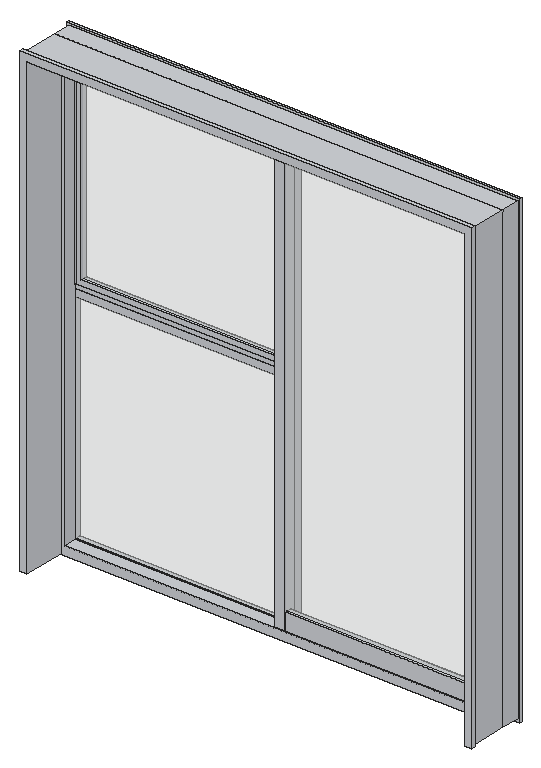
Revit family "APL Residential Thermal Heart Sliding Door SF with Sidelight", category Doors, host Wall, Revit 2017 (continued)
Definition of nested family "APL Residential Thermal Heart Sliding Door SF Vertical Section"
  Definition of nested family "Head Two Panel"
    Definition of nested family "65400_Frame Head"
      Lines and regions (mm)
        detail lines, in view "Ref. Level"
          curve 537: arc (14.78, -18.633, 0) -> (15.05, -18.679, 0) -> (15.2, -18.45, 0) r 0.25
          curve 538: arc (15.2, -8.599, 0) -> (15.259, -8.458, 0) -> (15.4, -8.4, 0) r 0.2
          curve 539: arc (16.479, -8.4, 0) -> (16.643, -8.315, 0) -> (16.667, -8.132, 0) r 0.2
          curve 540: arc (15.775, -5.682, 0) -> (15.702, -5.586, 0) -> (15.587, -5.55, 0) r 0.2
          curve 541: arc (15.353, -5.55, 0) -> (15.248, -5.52, 0) -> (15.174, -5.439, 0) r 0.2
          curve 542: arc (15.174, -5.439, 0) -> (14.995, -5.304, 0) -> (14.78, -5.367, 0) r 0.25
          curve 543: arc (14.78, -5.367, 0) -> (14.637, -5.498, 0) -> (14.631, -5.691, 0) r 0.25
          curve 544: arc (13.377, -6.456, 0) -> (13.302, -6.489, 0) -> (13.221, -6.5, 0) r 0.3
          curve 545: arc (12.7, -6.5, 0) -> (12.542, -6.422, 0) -> (12.506, -6.25, 0) r 0.2
          curve 546: arc (12.7, -2.247, 0) -> (12.674, -2.125, 0) -> (12.6, -2.024, 0) r 0.3
          curve 547: arc (12.6, -2.024, 0) -> (12.536, -1.657, 0) -> (12.878, -1.51, 0) r 0.3
          curve 548: arc (15.021, -2.043, 0) -> (15.11, -2.095, 0) -> (15.162, -2.184, 0) r 0.2
          curve 549: arc (15.207, -2.352, 0) -> (15.348, -2.493, 0) -> (15.541, -2.441, 0) r 0.2
          curve 550: arc (15.905, -2.078, 0) -> (15.965, -1.992, 0) -> (15.992, -1.892, 0) r 0.3
          curve 551: arc (16.199, 0.474, 0) -> (16.083, 0.738, 0) -> (15.797, 0.782, 0) r 0.3
          curve 552: arc (14.387, 0.268, 0) -> (14.261, 0.181, 0) -> (14.195, 0.043, 0) r 0.3
          curve 553: arc (14.195, 0.043, 0) -> (13.922, -0.199, 0) -> (13.617, 0, 0) r 0.3
          curve 554: arc (12.6, 0, 0) -> (12.459, 0.059, 0) -> (12.4, 0.2, 0) r 0.2
          curve 555: arc (12.4, 2.696, 0) -> (11.64, 4.537, 0) -> (9.8, 5.3, 0) r 2.6
          curve 556: arc (7.9, 5.3, 0) -> (7.547, 5.446, 0) -> (7.4, 5.8, 0) r 0.5
          curve 557: arc (7.4, 13.402, 0) -> (7.508, 13.581, 0) -> (7.716, 13.566, 0) r 0.2
          curve 558: arc (7.716, 13.566, 0) -> (8.721, 13.692, 0) -> (8.684, 14.705, 0) r 0.75
          curve 559: arc (8.684, 14.705, 0) -> (8.15, 16.005, 0) -> (8.684, 17.305, 0) r 1.85
          curve 560: arc (8.684, 17.305, 0) -> (8.794, 17.447, 0) -> (8.867, 17.612, 0) r 0.75
          curve 561: arc (8.867, 17.612, 0) -> (8.97, 17.796, 0) -> (9.14, 17.921, 0) r 0.5
          curve 562: arc (9.14, 17.921, 0) -> (10, 18.105, 0) -> (10.86, 17.921, 0) r 2.1
          curve 563: arc (10.86, 17.921, 0) -> (11.03, 17.796, 0) -> (11.133, 17.612, 0) r 0.5
          curve 564: arc (11.133, 17.612, 0) -> (11.206, 17.447, 0) -> (11.316, 17.305, 0) r 0.75
          curve 565: arc (11.316, 17.305, 0) -> (11.85, 16.005, 0) -> (11.316, 14.705, 0) r 1.85
          curve 566: arc (11.316, 14.705, 0) -> (11.323, 13.644, 0) -> (12.384, 13.651, 0) r 0.75
          curve 567: arc (12.384, 13.651, 0) -> (13.348, 15.881, 0) -> (12.551, 18.176, 0) r 3.35
          curve 568: arc (12.551, 18.176, 0) -> (12.478, 18.71, 0) -> (12.932, 19, 0) r 0.5
          curve 569: arc (13.15, 19, 0) -> (13.291, 19.059, 0) -> (13.35, 19.2, 0) r 0.2
          curve 570: arc (13.35, 19.5, 0) -> (13.204, 19.854, 0) -> (12.85, 20, 0) r 0.5
          curve 571: arc (7, 20, 0) -> (6.293, 19.707, 0) -> (6, 19, 0) r 1
          curve 572: arc (6, 6.243, 0) -> (5.772, 5.095, 0) -> (5.121, 4.121, 0) r 3
          curve 573: arc (0.879, -0.121, 0) -> (0.228, -1.095, 0) -> (0, -2.243, 0) r 3
          curve 574: arc (0, -23.8, 0) -> (0.059, -23.941, 0) -> (0.2, -24, 0) r 0.2
          curve 575: line (10.8, 2.7, 0) -> (10.8, -6.498, 0)
          curve 576: line (12.7, -8.4, 0) -> (13.1, -8.4, 0)
          curve 577: line (13.3, -8.6, 0) -> (13.3, -15.4, 0)
          curve 578: line (13.1, -15.6, 0) -> (11, -15.6, 0)
          curve 579: line (10.8, -15.8, 0) -> (10.8, -16.283, 0)
          curve 580: line (10.6, -16.483, 0) -> (1.9, -16.483, 0)
          curve 581: line (1.4, -15.983, 0) -> (1.4, -2.245, 0)
          curve 582: line (1.869, -1.111, 0) -> (6.387, 3.407, 0)
          curve 583: line (7.094, 3.7, 0) -> (9.8, 3.7, 0)
          curve 584: line (1.322, -22.936, 0) -> (1.379, -18.081, 0)
          curve 585: line (1.579, -17.883, 0) -> (10.6, -17.883, 0)
          curve 586: line (10.8, -18.083, 0) -> (10.8, -22.172, 0)
          curve 587: line (10.7, -22.345, 0) -> (9.6, -22.98, 0)
          curve 588: line (9.3, -23.5, 0) -> (9.3, -23.8, 0)
          curve 589: line (9.5, -24, 0) -> (13.617, -24, 0)
          curve 590: line (14.387, -24.268, 0) -> (15.797, -24.782, 0)
          curve 591: line (16.199, -24.474, 0) -> (15.992, -22.108, 0)
          curve 592: line (15.905, -21.922, 0) -> (15.541, -21.559, 0)
          curve 593: line (15.207, -21.648, 0) -> (15.162, -21.816, 0)
          curve 594: line (15.021, -21.957, 0) -> (12.888, -22.528, 0)
          curve 595: line (12.7, -21.753, 0) -> (12.7, -18.525, 0)
          curve 596: line (12.7, -18.5, 0) -> (12.506, -17.75, 0)
          curve 597: line (12.7, -17.5, 0) -> (13.221, -17.5, 0)
          curve 598: line (13.377, -17.544, 0) -> (14.631, -18.309, 0)
          curve 599: line (15.2, -18.45, 0) -> (15.2, -16.874, 0)
          curve 600: line (15.2, -16.874, 0) -> (15.2, -8.599, 0)
          curve 601: line (15.4, -8.4, 0) -> (16.479, -8.4, 0)
          curve 602: line (16.667, -8.132, 0) -> (15.775, -5.682, 0)
          curve 603: line (15.587, -5.55, 0) -> (15.353, -5.55, 0)
          curve 604: line (14.631, -5.691, 0) -> (13.377, -6.456, 0)
          curve 605: line (13.221, -6.5, 0) -> (12.7, -6.5, 0)
          curve 606: line (12.506, -6.25, 0) -> (12.7, -5.5, 0)
          curve 607: line (12.7, -5.475, 0) -> (12.7, -2.247, 0)
          curve 608: line (12.888, -1.472, 0) -> (15.021, -2.043, 0)
          curve 609: line (15.162, -2.184, 0) -> (15.207, -2.352, 0)
          curve 610: line (15.541, -2.441, 0) -> (15.905, -2.078, 0)
          curve 611: line (15.992, -1.892, 0) -> (16.199, 0.474, 0)
          curve 612: line (15.797, 0.782, 0) -> (14.387, 0.268, 0)
          curve 613: line (13.617, 0, 0) -> (12.6, 0, 0)
          curve 614: line (12.4, 0.2, 0) -> (12.4, 2.696, 0)
          curve 615: line (9.8, 5.3, 0) -> (7.9, 5.3, 0)
          curve 616: line (7.4, 5.8, 0) -> (7.4, 13.402, 0)
          curve 617: line (12.932, 19, 0) -> (13.15, 19, 0)
          curve 618: line (13.35, 19.2, 0) -> (13.35, 19.5, 0)
          curve 619: line (12.85, 20, 0) -> (7, 20, 0)
          curve 620: line (6, 19, 0) -> (6, 6.243, 0)
          curve 621: line (5.121, 4.121, 0) -> (0.879, -0.121, 0)
          curve 622: line (0, -2.243, 0) -> (0, -23.8, 0)
          curve 623: line (0.2, -24, 0) -> (1.214, -24, 0)
          curve 624: line (1.214, -24, 0) -> (1.665, -23.621, 0)
          curve 625: line (106.85, -41.439, 0) -> (112.6, -39.899, 0)
          curve 626: line (111.139, -40.29, 0) -> (106.85, -40.29, 0)
          curve 627: line (112.6, -39.45, 0) -> (106.85, -39.45, 0)
          curve 628: line (112.6, -38.61, 0) -> (106.85, -38.61, 0)
          curve 629: line (112.6, -37.69, 0) -> (106.85, -37.69, 0)
          curve 630: line (112.6, -36.85, 0) -> (106.85, -36.85, 0)
          curve 631: line (111.139, -36.01, 0) -> (106.85, -36.01, 0)
          curve 632: line (112.6, -36.401, 0) -> (106.85, -34.861, 0)
          curve 633: line (112.85, -41.6, 0) -> (112.85, -34.7, 0)
          curve 634: line (112.6, -34.7, 0) -> (112.6, -41.6, 0)
          curve 635: line (112.6, -41.6, 0) -> (113.1, -41.6, 0)
          curve 636: line (113.1, -41.6, 0) -> (113.1, -34.7, 0)
          curve 637: line (113.1, -34.7, 0) -> (112.6, -34.7, 0)
          curve 651: line (74.132, -41.648, 0) -> (68.382, -40.107, 0)
          curve 652: line (69.843, -40.498, 0) -> (74.132, -40.498, 0)
          curve 653: line (68.382, -39.658, 0) -> (74.132, -39.658, 0)
          curve 654: line (68.382, -38.818, 0) -> (74.132, -38.818, 0)
          curve 655: line (68.382, -37.898, 0) -> (74.132, -37.898, 0)
          curve 656: line (68.382, -37.058, 0) -> (74.132, -37.058, 0)
          curve 657: line (69.843, -36.218, 0) -> (74.132, -36.218, 0)
          curve 658: line (68.382, -36.61, 0) -> (74.132, -35.069, 0)
          curve 659: line (68.132, -41.808, 0) -> (68.132, -34.908, 0)
          curve 660: line (68.382, -34.908, 0) -> (68.382, -41.808, 0)
          curve 661: line (68.382, -41.808, 0) -> (67.882, -41.808, 0)
          curve 662: line (67.882, -41.808, 0) -> (67.882, -34.908, 0)
          curve 663: line (67.882, -34.908, 0) -> (68.382, -34.908, 0)
        detail lines, in view "Ref. Level", not visible
          curve 638: line (101.764, -41.439, 0) -> (107.514, -39.899, 0)
          curve 639: line (106.053, -40.29, 0) -> (101.764, -40.29, 0)
          curve 640: line (107.514, -39.45, 0) -> (101.764, -39.45, 0)
          curve 641: line (107.514, -38.61, 0) -> (101.764, -38.61, 0)
          curve 642: line (107.514, -37.69, 0) -> (101.764, -37.69, 0)
          curve 643: line (107.514, -36.85, 0) -> (101.764, -36.85, 0)
          curve 644: line (106.053, -36.01, 0) -> (101.764, -36.01, 0)
          curve 645: line (107.514, -36.401, 0) -> (101.764, -34.861, 0)
          curve 646: line (107.764, -41.6, 0) -> (107.764, -34.7, 0)
          curve 647: line (107.514, -34.7, 0) -> (107.514, -41.6, 0)
          curve 648: line (107.514, -41.6, 0) -> (108.014, -41.6, 0)
          curve 649: line (108.014, -41.6, 0) -> (108.014, -34.7, 0)
          curve 650: line (108.014, -34.7, 0) -> (107.514, -34.7, 0)
      Text (mm)
        text "65400" at (41.516, 17.579, 0), in view "Ref. Level"
    Definition of nested family "65575_Threshold"
      Reference planes
        plane 1 "Center (Front/Back)": y = 0
        plane 2: z = 0
        plane 3 "Center (Left/Right)": x = 0
      Lines and regions (mm)
        detail lines, in view "Ref. Level"
          curve 1: arc (0.123, 1.385, 0) -> (0.034, 1.312, 0) -> (0, 1.2, 0) r 0.2
          curve 2: arc (0, 0.2, 0) -> (0.059, 0.059, 0) -> (0.2, 0, 0) r 0.2
          curve 3: arc (1.987, -0.473, 0) -> (2.044, -0.588, 0) -> (2.019, -0.715, 0) r 0.2
          curve 4: arc (1.788, -1.112, 0) -> (1.916, -1.591, 0) -> (2.394, -1.463, 0) r 0.35
          curve 5: arc (2.779, -0.797, 0) -> (2.842, -0.484, 0) -> (2.701, -0.197, 0) r 0.497
          curve 6: arc (2.033, 0.47, 0) -> (1.979, 0.65, 0) -> (2.098, 0.796, 0) r 0.2
          curve 7: arc (41.094, 16.949, 0) -> (41.282, 16.93, 0) -> (41.37, 16.764, 0) r 0.2
          curve 8: arc (41.37, 12.481, 0) -> (41.586, 11.578, 0) -> (42.188, 10.869, 0) r 2
          curve 9: arc (42.188, 10.869, 0) -> (43.515, 8.691, 0) -> (42.924, 6.21, 0) r 3.35
          curve 10: arc (42.924, 6.21, 0) -> (43.038, 5.512, 0) -> (43.736, 5.625, 0) r 0.5
          curve 11: arc (43.736, 5.625, 0) -> (44.503, 8.847, 0) -> (42.779, 11.675, 0) r 4.35
          curve 12: arc (42.779, 11.675, 0) -> (42.478, 12.03, 0) -> (42.37, 12.481, 0) r 1
          curve 13: arc (42.37, 18.585, 0) -> (42.282, 18.751, 0) -> (42.094, 18.77, 0) r 0.2
          curve 14: line (0, 1.2, 0) -> (0, 0.2, 0)
          curve 15: line (0.2, 0, 0) -> (1.431, 0, 0)
          curve 16: line (1.573, -0.059, 0) -> (1.987, -0.473, 0)
          curve 17: line (2.019, -0.715, 0) -> (1.788, -1.112, 0)
          curve 18: line (2.394, -1.463, 0) -> (2.779, -0.797, 0)
          curve 19: line (2.701, -0.197, 0) -> (2.033, 0.47, 0)
          curve 20: line (2.098, 0.796, 0) -> (41.094, 16.949, 0)
          curve 21: line (41.37, 16.764, 0) -> (41.37, 12.481, 0)
          curve 22: line (42.37, 12.481, 0) -> (42.37, 18.585, 0)
          curve 23: line (42.094, 18.77, 0) -> (0.123, 1.385, 0)
      Text (mm)
        text "65575" at (6.848, 22.344, 0), in view "Ref. Level"
  Definition of nested family "Sill Two Panel"
    Reference planes
      plane 1 "Center (Front/Back)": y = 0
      plane 2: z = 0
      plane 3 "Center (Left/Right)": x = 0
    Lines and regions (mm)
      detail lines, in view "Ref. Level"
        curve 1: arc (16.603, 58.8, 0) -> (17.381, 59.122, 0) -> (17.703, 59.9, 0) r 1.1
        curve 2: arc (0.803, 59.899, 0) -> (1.126, 59.122, 0) -> (1.903, 58.8, 0) r 1.1
        curve 3: arc (17.703, 76.7, 0) -> (17.381, 77.478, 0) -> (16.603, 77.8, 0) r 1.1
        curve 4: arc (1.903, 77.8, 0) -> (1.125, 77.477, 0) -> (0.803, 76.699, 0) r 1.1
        curve 5: arc (16.603, 58.799, 0) -> (17.382, 59.121, 0) -> (17.703, 59.9, 0) r 1.1
        curve 6: arc (17.703, 76.702, 0) -> (17.381, 77.479, 0) -> (16.603, 77.802, 0) r 1.1
        curve 7: arc (7.678, 82.796, 0) -> (6.666, 82.818, 0) -> (6.153, 81.945, 0) r 1
        curve 8: arc (6.153, 44.255, 0) -> (6.666, 43.382, 0) -> (7.678, 43.404, 0) r 1
        curve 9: arc (12.353, 81.945, 0) -> (11.841, 82.818, 0) -> (10.828, 82.796, 0) r 1
        curve 10: arc (10.828, 43.404, 0) -> (11.841, 43.382, 0) -> (12.353, 44.255, 0) r 1
        curve 11: arc (7.678, 82.796, 0) -> (9.253, 82.35, 0) -> (10.828, 82.796, 0) r 3
        curve 12: arc (10.828, 43.404, 0) -> (9.253, 43.851, 0) -> (7.678, 43.404, 0) r 3
        curve 13: arc (5.253, 51, 0) -> (5.546, 50.293, 0) -> (6.253, 50, 0) r 1
        curve 14: arc (12.253, 50, 0) -> (12.96, 50.293, 0) -> (13.253, 51, 0) r 1
        curve 15: arc (14.453, 84.69, 0) -> (13.952, 84.595, 0) -> (13.453, 84.49, 0) r 26
        curve 16: arc (5.053, 84.49, 0) -> (4.554, 84.595, 0) -> (4.053, 84.69, 0) r 26
        curve 17: arc (5.053, 85.031, 0) -> (4.554, 85.062, 0) -> (4.053, 85.085, 0) r 26
        curve 18: arc (14.453, 85.085, 0) -> (13.953, 85.062, 0) -> (13.453, 85.031, 0) r 26
        curve 19: line (7.616, 58.464, 0) -> (8.694, 57.549, 0)
        curve 20: arc (8.309, 62.255, 0) -> (6.888, 61.307, 0) -> (6.184, 59.751, 0) r 3.102
        curve 21: line (7.502, 59.859, 0) -> (8.417, 60.937, 0)
        curve 22: line (10.89, 60.137, 0) -> (9.812, 61.052, 0)
        curve 23: arc (10.198, 56.345, 0) -> (11.619, 57.293, 0) -> (12.323, 58.849, 0) r 3.102
        curve 24: line (11.005, 58.741, 0) -> (10.09, 57.663, 0)
        curve 25: circle (9.253, 59.3, 0) r 4.4 normal (0, 0, 1)
        curve 26: arc (9.596, 63.684, 0) -> (8.894, 63.683, 0) -> (8.201, 63.57, 0) r 4.397
        curve 27: arc (8.91, 54.916, 0) -> (9.612, 54.918, 0) -> (10.305, 55.031, 0) r 4.397
        curve 28: line (8.309, 62.255, 0) -> (8.201, 63.57, 0)
        curve 29: line (9.596, 63.684, 0) -> (9.704, 62.37, 0)
        curve 30: line (10.198, 56.345, 0) -> (10.305, 55.031, 0)
        curve 31: line (8.91, 54.916, 0) -> (8.802, 56.231, 0)
        curve 32: arc (2.903, 86.3, 0) -> (2.196, 86.007, 0) -> (1.903, 85.3, 0) r 1
        curve 33: arc (16.603, 85.3, 0) -> (16.31, 86.007, 0) -> (15.603, 86.3, 0) r 1
        curve 34: arc (15.603, 85, 0) -> (15.515, 85.212, 0) -> (15.303, 85.3, 0) r 0.3
        curve 35: arc (3.203, 85.3, 0) -> (2.991, 85.212, 0) -> (2.903, 85, 0) r 0.3
        curve 36: line (17.703, 59.9, 0) -> (17.703, 61.8, 0)
        curve 37: line (0.803, 61.8, 0) -> (0.803, 59.899, 0)
        curve 38: line (17.703, 74.8, 0) -> (17.703, 76.7, 0)
        curve 39: line (0.803, 76.699, 0) -> (0.803, 74.8, 0)
        curve 40: line (17.703, 59.9, 0) -> (17.703, 61.8, 0)
        curve 41: line (0.803, 76.699, 0) -> (0.803, 74.8, 0)
        curve 42: line (6.153, 44.255, 0) -> (6.153, 51.1, 0)
        curve 43: line (6.153, 81.6, 0) -> (6.153, 81.945, 0)
        curve 44: line (12.353, 81.6, 0) -> (12.353, 81.945, 0)
        curve 45: line (12.353, 44.255, 0) -> (12.353, 51.1, 0)
        curve 46: line (0.803, 66.09, 0) -> (0.503, 66.09, 0)
        curve 47: line (0.503, 66.09, 0) -> (0.503, 60.11, 0)
        curve 48: line (0.503, 60.11, 0) -> (0.803, 60.11, 0)
        curve 49: line (3.003, 51.3, 0) -> (3.003, 51.1, 0)
        curve 50: line (3.003, 51.1, 0) -> (3.503, 51.1, 0)
        curve 51: line (3.503, 51.1, 0) -> (15.003, 51.1, 0)
        curve 52: line (15.003, 51.1, 0) -> (15.503, 51.1, 0)
        curve 53: line (15.503, 51.1, 0) -> (15.503, 51.3, 0)
        curve 54: line (15.503, 75.8, 0) -> (15.503, 81.6, 0)
        curve 55: line (15.503, 81.6, 0) -> (15.003, 81.6, 0)
        curve 56: line (15.003, 81.6, 0) -> (15.003, 75.8, 0)
        curve 57: line (3.003, 75.8, 0) -> (3.003, 81.6, 0)
        curve 58: line (15.003, 81.6, 0) -> (3.503, 81.6, 0)
        curve 59: line (3.503, 81.6, 0) -> (3.003, 81.6, 0)
        curve 60: line (3.003, 81.6, 0) -> (3.003, 85.1, 0)
        curve 61: line (3.003, 85.1, 0) -> (4.003, 85.1, 0)
        curve 62: line (4.003, 85.1, 0) -> (4.003, 81.6, 0)
        curve 63: line (14.503, 81.6, 0) -> (14.503, 85.1, 0)
        curve 64: line (14.503, 85.1, 0) -> (15.503, 85.1, 0)
        curve 65: line (15.503, 85.1, 0) -> (15.503, 81.6, 0)
        curve 66: line (14.453, 84.69, 0) -> (14.453, 81.6, 0)
        curve 67: line (4.053, 84.69, 0) -> (4.053, 81.6, 0)
        curve 68: line (5.053, 81.6, 0) -> (5.053, 84.49, 0)
        curve 69: line (5.053, 84.49, 0) -> (5.053, 85.031, 0)
        curve 70: line (13.453, 81.6, 0) -> (13.453, 84.49, 0)
        curve 71: line (13.453, 84.49, 0) -> (13.453, 85.031, 0)
        curve 72: line (4.053, 84.69, 0) -> (4.053, 84.938, 0)
        curve 73: line (14.453, 84.69, 0) -> (14.453, 84.938, 0)
        curve 74: line (8.802, 56.231, 0) -> (8.694, 57.549, 0)
        curve 75: line (8.417, 60.937, 0) -> (8.309, 62.255, 0)
        curve 76: line (9.704, 62.37, 0) -> (9.812, 61.052, 0)
        curve 77: line (10.09, 57.663, 0) -> (10.198, 56.345, 0)
        curve 78: line (1.903, 80.3, 0) -> (1.903, 85.3, 0)
        curve 79: line (2.903, 86.3, 0) -> (15.603, 86.3, 0)
        curve 80: line (16.603, 85.3, 0) -> (16.603, 80.3, 0)
        curve 81: line (16.603, 80.3, 0) -> (15.603, 80.3, 0)
        curve 82: line (15.603, 80.3, 0) -> (15.603, 85, 0)
        curve 83: line (15.303, 85.3, 0) -> (3.203, 85.3, 0)
        curve 84: line (2.903, 85, 0) -> (2.903, 80.3, 0)
        curve 85: line (2.903, 80.3, 0) -> (1.903, 80.3, 0)
        curve 86: line (1.903, 80.3, 0) -> (1.903, 78.3, 0)
        curve 87: line (1.903, 78.3, 0) -> (1.903, 75.8, 0)
        curve 88: line (15.603, 80.3, 0) -> (15.603, 78.3, 0)
        curve 89: line (15.603, 78.3, 0) -> (16.603, 78.3, 0)
        curve 90: line (16.603, 78.3, 0) -> (16.603, 80.3, 0)
        curve 91: line (2.903, 80.3, 0) -> (2.903, 78.3, 0)
        curve 92: line (2.903, 78.3, 0) -> (1.903, 78.3, 0)
        curve 93: line (2.003, 51.3, 0) -> (16.603, 51.3, 0)
        curve 94: line (16.603, 51.3, 0) -> (16.603, 75.8, 0)
        curve 95: line (16.603, 75.8, 0) -> (2.003, 75.8, 0)
        curve 96: line (2.003, 75.8, 0) -> (2.003, 51.3, 0)
        curve 97: line (1.903, 51.3, 0) -> (1.903, 75.8, 0)
        curve 98: line (2.903, 78.3, 0) -> (2.903, 75.8, 0)
        curve 99: line (16.603, 78.3, 0) -> (16.603, 75.8, 0)
        curve 100: line (15.603, 78.3, 0) -> (15.603, 75.8, 0)
        curve 101: line (16.603, 74.8, 0) -> (17.703, 74.8, 0)
        curve 102: line (17.703, 74.8, 0) -> (17.703, 61.8, 0)
        curve 103: line (17.703, 61.8, 0) -> (16.603, 61.8, 0)
        curve 104: line (1.903, 61.8, 0) -> (0.803, 61.8, 0)
        curve 105: line (0.803, 61.8, 0) -> (0.803, 74.8, 0)
        curve 106: line (0.803, 74.8, 0) -> (1.903, 74.8, 0)
        curve 107: line (15.003, 51.3, 0) -> (15.003, 51.1, 0)
        curve 108: line (3.503, 51.1, 0) -> (3.503, 51.3, 0)
        curve 109: line (3.503, 75.8, 0) -> (3.503, 81.6, 0)
        curve 110: line (7.678, 43.404, 0) -> (7.678, 51.1, 0)
        curve 111: line (7.678, 81.6, 0) -> (7.678, 82.796, 0)
        curve 112: line (10.828, 82.796, 0) -> (10.828, 81.6, 0)
        curve 113: line (10.828, 51.1, 0) -> (10.828, 43.404, 0)
        curve 114: line (12.208, 60.245, 0) -> (13.526, 60.353, 0)
        curve 115: line (13.64, 58.957, 0) -> (12.323, 58.849, 0)
        curve 116: line (6.298, 58.356, 0) -> (4.981, 58.248, 0)
        curve 117: line (4.867, 59.643, 0) -> (6.184, 59.751, 0)
        curve 118: line (6.184, 59.751, 0) -> (7.502, 59.859, 0)
        curve 119: line (10.89, 60.137, 0) -> (12.208, 60.245, 0)
        curve 120: line (12.323, 58.849, 0) -> (11.005, 58.741, 0)
        curve 121: line (7.616, 58.464, 0) -> (6.298, 58.356, 0)
        curve 122: arc (6.298, 58.356, 0) -> (7.246, 56.935, 0) -> (8.802, 56.231, 0) r 3.102
        curve 123: arc (12.208, 60.245, 0) -> (11.261, 61.666, 0) -> (9.704, 62.37, 0) r 3.102
      detail lines, in view "Ref. Level", not visible
        curve 124: arc (16.603, 57.797, 0) -> (17.381, 58.12, 0) -> (17.703, 58.897, 0) r 1.1
        curve 125: arc (0.803, 58.896, 0) -> (1.126, 58.119, 0) -> (1.903, 57.797, 0) r 1.1
        curve 126: arc (17.703, 75.697, 0) -> (17.381, 76.475, 0) -> (16.603, 76.797, 0) r 1.1
        curve 127: arc (1.903, 76.797, 0) -> (1.125, 76.475, 0) -> (0.803, 75.696, 0) r 1.1
        curve 128: arc (16.603, 57.796, 0) -> (17.382, 58.119, 0) -> (17.703, 58.897, 0) r 1.1
        curve 129: arc (17.703, 75.699, 0) -> (17.381, 76.477, 0) -> (16.603, 76.799, 0) r 1.1
        curve 130: arc (7.678, 81.793, 0) -> (6.666, 81.816, 0) -> (6.153, 80.942, 0) r 1
        curve 131: arc (6.153, 43.252, 0) -> (6.666, 42.379, 0) -> (7.678, 42.401, 0) r 1
        curve 132: arc (12.353, 80.942, 0) -> (11.841, 81.816, 0) -> (10.828, 81.793, 0) r 1
        curve 133: arc (10.828, 42.401, 0) -> (11.841, 42.379, 0) -> (12.353, 43.252, 0) r 1
        curve 134: arc (7.678, 81.793, 0) -> (9.253, 81.347, 0) -> (10.828, 81.793, 0) r 3
        curve 135: arc (10.828, 42.401, 0) -> (9.253, 42.848, 0) -> (7.678, 42.401, 0) r 3
        curve 136: arc (5.253, 49.997, 0) -> (5.546, 49.29, 0) -> (6.253, 48.997, 0) r 1
        curve 137: arc (12.253, 48.997, 0) -> (12.96, 49.29, 0) -> (13.253, 49.997, 0) r 1
        curve 138: arc (14.453, 83.687, 0) -> (13.952, 83.592, 0) -> (13.453, 83.487, 0) r 26
        curve 139: arc (5.053, 83.487, 0) -> (4.554, 83.592, 0) -> (4.053, 83.687, 0) r 26
        curve 140: arc (5.053, 84.028, 0) -> (4.554, 84.06, 0) -> (4.053, 84.082, 0) r 26
        curve 141: arc (14.453, 84.082, 0) -> (13.953, 84.06, 0) -> (13.453, 84.028, 0) r 26
        curve 142: line (7.616, 57.461, 0) -> (8.694, 56.546, 0)
        curve 143: arc (8.309, 61.253, 0) -> (6.888, 60.305, 0) -> (6.184, 58.748, 0) r 3.102
        curve 144: line (7.502, 58.856, 0) -> (8.417, 59.935, 0)
        curve 145: line (10.89, 59.134, 0) -> (9.812, 60.049, 0)
        curve 146: arc (10.198, 55.342, 0) -> (11.619, 56.29, 0) -> (12.323, 57.847, 0) r 3.102
        curve 147: line (11.005, 57.739, 0) -> (10.09, 56.66, 0)
        curve 148: circle (9.253, 58.297, 0) r 4.4 normal (0, 0, 1)
        curve 149: arc (9.596, 62.681, 0) -> (8.894, 62.68, 0) -> (8.201, 62.567, 0) r 4.397
        curve 150: arc (8.91, 53.914, 0) -> (9.612, 53.915, 0) -> (10.305, 54.028, 0) r 4.397
        curve 151: line (8.309, 61.253, 0) -> (8.201, 62.567, 0)
        curve 152: line (9.596, 62.681, 0) -> (9.704, 61.367, 0)
        curve 153: line (10.198, 55.342, 0) -> (10.305, 54.028, 0)
        curve 154: line (8.91, 53.914, 0) -> (8.802, 55.228, 0)
        curve 155: arc (2.903, 85.297, 0) -> (2.196, 85.004, 0) -> (1.903, 84.297, 0) r 1
        curve 156: arc (16.603, 84.297, 0) -> (16.31, 85.004, 0) -> (15.603, 85.297, 0) r 1
        curve 157: arc (15.603, 83.997, 0) -> (15.515, 84.209, 0) -> (15.303, 84.297, 0) r 0.3
        curve 158: arc (3.203, 84.297, 0) -> (2.991, 84.209, 0) -> (2.903, 83.997, 0) r 0.3
        curve 159: line (17.703, 58.897, 0) -> (17.703, 60.797, 0)
        curve 160: line (0.803, 60.797, 0) -> (0.803, 58.896, 0)
        curve 161: line (17.703, 73.797, 0) -> (17.703, 75.697, 0)
        curve 162: line (0.803, 75.696, 0) -> (0.803, 73.797, 0)
        curve 163: line (17.703, 58.897, 0) -> (17.703, 60.797, 0)
        curve 164: line (0.803, 75.696, 0) -> (0.803, 73.797, 0)
        curve 165: line (6.153, 43.252, 0) -> (6.153, 50.097, 0)
        curve 166: line (6.153, 80.597, 0) -> (6.153, 80.942, 0)
        curve 167: line (12.353, 80.597, 0) -> (12.353, 80.942, 0)
        curve 168: line (12.353, 43.252, 0) -> (12.353, 50.097, 0)
        curve 169: line (0.803, 65.087, 0) -> (0.503, 65.087, 0)
        curve 170: line (0.503, 65.087, 0) -> (0.503, 59.107, 0)
        curve 171: line (0.503, 59.107, 0) -> (0.803, 59.107, 0)
        curve 172: line (3.003, 50.297, 0) -> (3.003, 50.097, 0)
        curve 173: line (3.003, 50.097, 0) -> (3.503, 50.097, 0)
        curve 174: line (3.503, 50.097, 0) -> (15.003, 50.097, 0)
        curve 175: line (15.003, 50.097, 0) -> (15.503, 50.097, 0)
        curve 176: line (15.503, 50.097, 0) -> (15.503, 50.297, 0)
        curve 177: line (15.503, 74.797, 0) -> (15.503, 80.597, 0)
        curve 178: line (15.503, 80.597, 0) -> (15.003, 80.597, 0)
        curve 179: line (15.003, 80.597, 0) -> (15.003, 74.797, 0)
        curve 180: line (3.003, 74.797, 0) -> (3.003, 80.597, 0)
        curve 181: line (15.003, 80.597, 0) -> (3.503, 80.597, 0)
        curve 182: line (3.503, 80.597, 0) -> (3.003, 80.597, 0)
        curve 183: line (3.003, 80.597, 0) -> (3.003, 84.097, 0)
        curve 184: line (3.003, 84.097, 0) -> (4.003, 84.097, 0)
        curve 185: line (4.003, 84.097, 0) -> (4.003, 80.597, 0)
        curve 186: line (14.503, 80.597, 0) -> (14.503, 84.097, 0)
        curve 187: line (14.503, 84.097, 0) -> (15.503, 84.097, 0)
        curve 188: line (15.503, 84.097, 0) -> (15.503, 80.597, 0)
        curve 189: line (14.453, 83.687, 0) -> (14.453, 80.597, 0)
        curve 190: line (4.053, 83.687, 0) -> (4.053, 80.597, 0)
        curve 191: line (5.053, 80.597, 0) -> (5.053, 83.487, 0)
        curve 192: line (5.053, 83.487, 0) -> (5.053, 84.028, 0)
        curve 193: line (13.453, 80.597, 0) -> (13.453, 83.487, 0)
        curve 194: line (13.453, 83.487, 0) -> (13.453, 84.028, 0)
        curve 195: line (4.053, 83.687, 0) -> (4.053, 83.935, 0)
        curve 196: line (14.453, 83.687, 0) -> (14.453, 83.935, 0)
        curve 197: line (8.802, 55.228, 0) -> (8.694, 56.546, 0)
        curve 198: line (8.417, 59.935, 0) -> (8.309, 61.253, 0)
        curve 199: line (9.704, 61.367, 0) -> (9.812, 60.049, 0)
        curve 200: line (10.09, 56.66, 0) -> (10.198, 55.342, 0)
        curve 201: line (1.903, 79.297, 0) -> (1.903, 84.297, 0)
        curve 202: line (2.903, 85.297, 0) -> (15.603, 85.297, 0)
        curve 203: line (16.603, 84.297, 0) -> (16.603, 79.297, 0)
        curve 204: line (16.603, 79.297, 0) -> (15.603, 79.297, 0)
        curve 205: line (15.603, 79.297, 0) -> (15.603, 83.997, 0)
        curve 206: line (15.303, 84.297, 0) -> (3.203, 84.297, 0)
        curve 207: line (2.903, 83.997, 0) -> (2.903, 79.297, 0)
        curve 208: line (2.903, 79.297, 0) -> (1.903, 79.297, 0)
        curve 209: line (1.903, 79.297, 0) -> (1.903, 77.297, 0)
        curve 210: line (1.903, 77.297, 0) -> (1.903, 74.797, 0)
        curve 211: line (15.603, 79.297, 0) -> (15.603, 77.297, 0)
        curve 212: line (15.603, 77.297, 0) -> (16.603, 77.297, 0)
        curve 213: line (16.603, 77.297, 0) -> (16.603, 79.297, 0)
        curve 214: line (2.903, 79.297, 0) -> (2.903, 77.297, 0)
        curve 215: line (2.903, 77.297, 0) -> (1.903, 77.297, 0)
        curve 216: line (2.003, 50.297, 0) -> (16.603, 50.297, 0)
        curve 217: line (16.603, 50.297, 0) -> (16.603, 74.797, 0)
        curve 218: line (16.603, 74.797, 0) -> (2.003, 74.797, 0)
        curve 219: line (2.003, 74.797, 0) -> (2.003, 50.297, 0)
        curve 220: line (1.903, 50.297, 0) -> (1.903, 74.797, 0)
        curve 221: line (2.903, 77.297, 0) -> (2.903, 74.797, 0)
        curve 222: line (16.603, 77.297, 0) -> (16.603, 74.797, 0)
        curve 223: line (15.603, 77.297, 0) -> (15.603, 74.797, 0)
        curve 224: line (16.603, 73.797, 0) -> (17.703, 73.797, 0)
        curve 225: line (17.703, 73.797, 0) -> (17.703, 60.797, 0)
        curve 226: line (17.703, 60.797, 0) -> (16.603, 60.797, 0)
        curve 227: line (1.903, 60.797, 0) -> (0.803, 60.797, 0)
        curve 228: line (0.803, 60.797, 0) -> (0.803, 73.797, 0)
        curve 229: line (0.803, 73.797, 0) -> (1.903, 73.797, 0)
        curve 230: line (15.003, 50.297, 0) -> (15.003, 50.097, 0)
        curve 231: line (3.503, 50.097, 0) -> (3.503, 50.297, 0)
        curve 232: line (3.503, 74.797, 0) -> (3.503, 80.597, 0)
        curve 233: line (7.678, 42.401, 0) -> (7.678, 50.097, 0)
        curve 234: line (7.678, 80.597, 0) -> (7.678, 81.793, 0)
        curve 235: line (10.828, 81.793, 0) -> (10.828, 80.597, 0)
        curve 236: line (10.828, 50.097, 0) -> (10.828, 42.401, 0)
        curve 237: line (12.208, 59.242, 0) -> (13.526, 59.35, 0)
        curve 238: line (13.64, 57.954, 0) -> (12.323, 57.847, 0)
        curve 239: line (6.298, 57.353, 0) -> (4.981, 57.245, 0)
        curve 240: line (4.867, 58.64, 0) -> (6.184, 58.748, 0)
        curve 241: line (6.184, 58.748, 0) -> (7.502, 58.856, 0)
        curve 242: line (10.89, 59.134, 0) -> (12.208, 59.242, 0)
        curve 243: line (12.323, 57.847, 0) -> (11.005, 57.739, 0)
        curve 244: line (7.616, 57.461, 0) -> (6.298, 57.353, 0)
        curve 245: arc (6.298, 57.353, 0) -> (7.246, 55.932, 0) -> (8.802, 55.228, 0) r 3.102
        curve 246: arc (12.208, 59.242, 0) -> (11.261, 60.663, 0) -> (9.704, 61.367, 0) r 3.102
    Dimensions and locks
      nested 1 to nested 3 = 17.8 mm
      nested 3 to nested 4 = 7 mm
    Nested families
      nested 1: "65596_Track" at (9.171, 14.2, 0), type "65596_Track", in view "Ref. Level"
      nested 2: "65575_Threshold" at (-87.029, 24, 0), type "65575_Threshold", in view "Ref. Level"
      nested 3: "65470_Door Sill Rail" at (-13.029, 33.8, 0), type "65470_Door Sill Rail", in view "Ref. Level"
      nested 4: "65380_Frame Sill" at (-87.029, 0, 0), type "65380_Frame Sill", in view "Ref. Level"
    Definition of nested family "65596_Track"
      Reference planes
        plane 1 "Center (Front/Back)": y = 0
        plane 2: z = 0
        plane 3 "Center (Left/Right)": x = 0
      Lines and regions (mm)
        detail lines, in view "Ref. Level"
          curve 1: arc (-1.2, 1.8, 0) -> (-1.059, 1.859, 0) -> (-1, 2, 0) r 0.2
          curve 2: arc (-1, 22.438, 0) -> (-1.623, 23.888, 0) -> (-3.105, 24.435, 0) r 2
          curve 3: arc (-17.186, 23.697, 0) -> (-17.523, 23.542, 0) -> (-17.66, 23.198, 0) r 0.5
          curve 4: arc (-17.66, 18.846, 0) -> (-18.14, 16.435, 0) -> (-19.505, 14.392, 0) r 6.3
          curve 5: arc (-21.85, 12.046, 0) -> (-22.77, 12.046, 0) -> (-22.77, 12.966, 0) r 0.65
          curve 6: arc (-20.424, 15.311, 0) -> (-19.341, 16.933, 0) -> (-18.96, 18.846, 0) r 5
          curve 7: arc (-18.96, 24.932, 0) -> (-18.823, 25.276, 0) -> (-18.486, 25.431, 0) r 0.5
          curve 8: arc (-2.589, 26.264, 0) -> (-2.456, 26.325, 0) -> (-2.399, 26.459, 0) r 0.2
          curve 9: arc (-2.399, 26.459, 0) -> (0, 28.8, 0) -> (2.399, 26.459, 0) r 2.4
          curve 10: arc (2.399, 26.459, 0) -> (2.456, 26.325, 0) -> (2.589, 26.264, 0) r 0.2
          curve 11: arc (6.566, 26.056, 0) -> (6.903, 25.901, 0) -> (7.04, 25.557, 0) r 0.5
          curve 12: arc (7.04, 18.846, 0) -> (7.421, 16.933, 0) -> (8.504, 15.311, 0) r 5
          curve 13: arc (10.85, 12.966, 0) -> (10.85, 12.046, 0) -> (9.93, 12.046, 0) r 0.65
          curve 14: arc (7.585, 14.392, 0) -> (6.22, 16.435, 0) -> (5.74, 18.846, 0) r 6.3
          curve 15: arc (5.74, 23.822, 0) -> (5.603, 24.166, 0) -> (5.266, 24.322, 0) r 0.5
          curve 16: arc (3.105, 24.435, 0) -> (1.623, 23.888, 0) -> (1, 22.438, 0) r 2
          curve 17: arc (1, 2, 0) -> (1.059, 1.859, 0) -> (1.2, 1.8, 0) r 0.2
          curve 18: arc (10.59, 0, 0) -> (10.449, 0.059, 0) -> (10.39, 0.2, 0) r 0.2
          curve 19: arc (10.39, 1.6, 0) -> (10.331, 1.741, 0) -> (10.19, 1.8, 0) r 0.2
          curve 20: arc (-8.81, 1.8, 0) -> (-8.951, 1.741, 0) -> (-9.01, 1.6, 0) r 0.2
          curve 21: arc (-9.01, -1.3, 0) -> (-8.951, -1.441, 0) -> (-8.81, -1.5, 0) r 0.2
          curve 22: arc (-7.41, -1.5, 0) -> (-7.269, -1.441, 0) -> (-7.21, -1.3, 0) r 0.2
          curve 23: arc (-7.21, -0.2, 0) -> (-7.151, -0.059, 0) -> (-7.01, 0, 0) r 0.2
          curve 24: arc (8.715, 0, 0) -> (9.001, -0.089, 0) -> (9.185, -0.325, 0) r 0.5
          curve 25: arc (9.185, -0.325, 0) -> (9.735, -1.032, 0) -> (10.59, -1.3, 0) r 1.5
          curve 26: arc (11.89, -1.3, 0) -> (12.597, -1.007, 0) -> (12.89, -0.3, 0) r 1
          curve 27: arc (12.89, -0.2, 0) -> (12.831, -0.059, 0) -> (12.69, 0, 0) r 0.2
          curve 28: line (1, 6.8, 0) -> (-1, 6.8, 0)
          curve 29: line (-1, 2, 0) -> (-1, 22.438, 0)
          curve 30: line (-3.105, 24.435, 0) -> (-17.186, 23.697, 0)
          curve 31: line (-17.66, 23.198, 0) -> (-17.66, 18.846, 0)
          curve 32: line (-19.505, 14.392, 0) -> (-21.85, 12.046, 0)
          curve 33: line (-22.77, 12.966, 0) -> (-20.424, 15.311, 0)
          curve 34: line (-18.96, 18.846, 0) -> (-18.96, 24.932, 0)
          curve 35: line (-18.486, 25.431, 0) -> (-2.589, 26.264, 0)
          curve 36: line (2.589, 26.264, 0) -> (6.566, 26.056, 0)
          curve 37: line (7.04, 25.557, 0) -> (7.04, 18.846, 0)
          curve 38: line (8.504, 15.311, 0) -> (10.85, 12.966, 0)
          curve 39: line (9.93, 12.046, 0) -> (7.585, 14.392, 0)
          curve 40: line (5.74, 18.846, 0) -> (5.74, 23.822, 0)
          curve 41: line (5.266, 24.322, 0) -> (3.105, 24.435, 0)
          curve 42: line (1, 22.438, 0) -> (1, 2, 0)
          curve 43: line (10.39, 0.2, 0) -> (10.39, 1.6, 0)
          curve 44: line (10.19, 1.8, 0) -> (-8.81, 1.8, 0)
          curve 45: line (-9.01, 1.6, 0) -> (-9.01, -1.3, 0)
          curve 46: line (-8.81, -1.5, 0) -> (-7.41, -1.5, 0)
          curve 47: line (-7.21, -1.3, 0) -> (-7.21, -0.2, 0)
          curve 48: line (-7.01, 0, 0) -> (8.715, 0, 0)
          curve 49: line (10.59, -1.3, 0) -> (11.89, -1.3, 0)
          curve 50: line (12.69, 0, 0) -> (10.59, 0, 0)
      Text (mm)
        text "65596" at (20.379, 15.04, 0), in view "Ref. Level"
    Definition of nested family "65575_Threshold"
      Reference planes
        plane 1 "Center (Front/Back)": y = 0
        plane 2: z = 0
        plane 3 "Center (Left/Right)": x = 0
      Lines and regions (mm)
        detail lines, in view "Ref. Level"
          curve 1: arc (0.123, 1.385, 0) -> (0.034, 1.312, 0) -> (0, 1.2, 0) r 0.2
          curve 2: arc (0, 0.2, 0) -> (0.059, 0.059, 0) -> (0.2, 0, 0) r 0.2
          curve 3: arc (1.987, -0.473, 0) -> (2.044, -0.588, 0) -> (2.019, -0.715, 0) r 0.2
          curve 4: arc (1.788, -1.112, 0) -> (1.916, -1.591, 0) -> (2.394, -1.463, 0) r 0.35
          curve 5: arc (2.779, -0.797, 0) -> (2.842, -0.484, 0) -> (2.701, -0.197, 0) r 0.497
          curve 6: arc (2.033, 0.47, 0) -> (1.979, 0.65, 0) -> (2.098, 0.796, 0) r 0.2
          curve 7: arc (41.094, 16.949, 0) -> (41.282, 16.93, 0) -> (41.37, 16.764, 0) r 0.2
          curve 8: arc (41.37, 12.481, 0) -> (41.586, 11.578, 0) -> (42.188, 10.869, 0) r 2
          curve 9: arc (42.188, 10.869, 0) -> (43.515, 8.691, 0) -> (42.924, 6.21, 0) r 3.35
          curve 10: arc (42.924, 6.21, 0) -> (43.038, 5.512, 0) -> (43.736, 5.625, 0) r 0.5
          curve 11: arc (43.736, 5.625, 0) -> (44.503, 8.847, 0) -> (42.779, 11.675, 0) r 4.35
          curve 12: arc (42.779, 11.675, 0) -> (42.478, 12.03, 0) -> (42.37, 12.481, 0) r 1
          curve 13: arc (42.37, 18.585, 0) -> (42.282, 18.751, 0) -> (42.094, 18.77, 0) r 0.2
          curve 14: line (0, 1.2, 0) -> (0, 0.2, 0)
          curve 15: line (0.2, 0, 0) -> (1.431, 0, 0)
          curve 16: line (1.573, -0.059, 0) -> (1.987, -0.473, 0)
          curve 17: line (2.019, -0.715, 0) -> (1.788, -1.112, 0)
          curve 18: line (2.394, -1.463, 0) -> (2.779, -0.797, 0)
          curve 19: line (2.701, -0.197, 0) -> (2.033, 0.47, 0)
          curve 20: line (2.098, 0.796, 0) -> (41.094, 16.949, 0)
          curve 21: line (41.37, 16.764, 0) -> (41.37, 12.481, 0)
          curve 22: line (42.37, 12.481, 0) -> (42.37, 18.585, 0)
          curve 23: line (42.094, 18.77, 0) -> (0.123, 1.385, 0)
      Text (mm)
        text "65575" at (6.848, 22.344, 0), in view "Ref. Level"
    Definition of nested family "65470_Door Sill Rail"
      Reference planes
        plane 1 "Center (Front/Back)": y = 0
        plane 2: z = 0
        plane 3 "Center (Left/Right)": x = 0
      Lines and regions (mm)
        detail lines, in view "Ref. Level"
          curve 1: arc (2.879, 58.956, 0) -> (2.804, 58.989, 0) -> (2.723, 59, 0) r 0.3
          curve 2: arc (2.202, 59, 0) -> (2.044, 58.922, 0) -> (2.008, 58.75, 0) r 0.2
          curve 3: arc (2.202, 54.747, 0) -> (2.176, 54.625, 0) -> (2.102, 54.524, 0) r 0.3
          curve 4: arc (2.102, 54.524, 0) -> (2.022, 54.193, 0) -> (2.302, 54, 0) r 0.3
          curve 5: arc (4.523, 54.543, 0) -> (4.612, 54.595, 0) -> (4.664, 54.684, 0) r 0.2
          curve 6: arc (4.709, 54.852, 0) -> (4.85, 54.993, 0) -> (5.043, 54.941, 0) r 0.2
          curve 7: arc (5.407, 54.578, 0) -> (5.467, 54.492, 0) -> (5.494, 54.392, 0) r 0.3
          curve 8: arc (5.701, 52.026, 0) -> (5.585, 51.762, 0) -> (5.299, 51.718, 0) r 0.3
          curve 9: arc (3.889, 52.231, 0) -> (3.763, 52.319, 0) -> (3.697, 52.457, 0) r 0.3
          curve 10: arc (3.697, 52.457, 0) -> (3.424, 52.699, 0) -> (3.119, 52.5, 0) r 0.3
          curve 11: arc (2.3, 52.5, 0) -> (1.946, 52.353, 0) -> (1.8, 52, 0) r 0.5
          curve 12: arc (1.8, 46.697, 0) -> (1.86, 46.557, 0) -> (2, 46.5, 0) r 0.2
          curve 13: arc (3, 46.5, 0) -> (3.141, 46.441, 0) -> (3.2, 46.3, 0) r 0.2
          curve 14: arc (3.2, 45.2, 0) -> (3.141, 45.058, 0) -> (3, 45, 0) r 0.2
          curve 15: arc (2, 45, 0) -> (1.86, 44.942, 0) -> (1.8, 44.803, 0) r 0.2
          curve 16: arc (1.8, 30.197, 0) -> (1.86, 30.057, 0) -> (2, 30, 0) r 0.2
          curve 17: arc (3, 30, 0) -> (3.141, 29.941, 0) -> (3.2, 29.8, 0) r 0.2
          curve 18: arc (3.2, 28.7, 0) -> (3.141, 28.558, 0) -> (3, 28.5, 0) r 0.2
          curve 19: arc (2, 28.5, 0) -> (1.86, 28.442, 0) -> (1.8, 28.303, 0) r 0.2
          curve 20: arc (1.8, 0.2, 0) -> (1.741, 0.059, 0) -> (1.6, 0, 0) r 0.2
          curve 21: arc (0.5, 0, 0) -> (0.146, 0.146, 0) -> (0, 0.5, 0) r 0.5
          curve 22: arc (0, 99.8, 0) -> (0.059, 99.942, 0) -> (0.2, 100, 0) r 0.2
          curve 23: arc (3.002, 100, 0) -> (3.143, 99.942, 0) -> (3.202, 99.8, 0) r 0.2
          curve 24: arc (3.202, 98.37, 0) -> (3.143, 98.229, 0) -> (3.002, 98.17, 0) r 0.2
          curve 25: arc (2.402, 98.17, 0) -> (2.261, 98.229, 0) -> (2.202, 98.37, 0) r 0.2
          curve 26: arc (2.202, 98.72, 0) -> (2.143, 98.862, 0) -> (2.002, 98.92, 0) r 0.2
          curve 27: arc (1.402, 98.92, 0) -> (1.261, 98.862, 0) -> (1.202, 98.72, 0) r 0.2
          curve 28: arc (1.202, 95.62, 0) -> (1.261, 95.479, 0) -> (1.402, 95.42, 0) r 0.2
          curve 29: arc (2.002, 95.42, 0) -> (2.143, 95.479, 0) -> (2.202, 95.62, 0) r 0.2
          curve 30: arc (2.202, 95.97, 0) -> (2.261, 96.112, 0) -> (2.402, 96.17, 0) r 0.2
          curve 31: arc (3.002, 96.17, 0) -> (3.143, 96.112, 0) -> (3.202, 95.97, 0) r 0.2
          curve 32: arc (3.202, 92.87, 0) -> (3.143, 92.729, 0) -> (3.002, 92.67, 0) r 0.2
          curve 33: arc (1.6, 92.67, 0) -> (1.459, 92.612, 0) -> (1.4, 92.47, 0) r 0.2
          curve 34: arc (1.644, 81.94, 0) -> (1.956, 81.272, 0) -> (2.642, 81, 0) r 1
          curve 35: arc (3.119, 81, 0) -> (3.424, 80.801, 0) -> (3.697, 81.044, 0) r 0.3
          curve 36: arc (3.697, 81.044, 0) -> (3.763, 81.181, 0) -> (3.889, 81.269, 0) r 0.3
          curve 37: arc (5.299, 81.782, 0) -> (5.585, 81.738, 0) -> (5.701, 81.474, 0) r 0.3
          curve 38: arc (5.494, 79.109, 0) -> (5.467, 79.008, 0) -> (5.407, 78.923, 0) r 0.3
          curve 39: arc (5.043, 78.559, 0) -> (4.85, 78.507, 0) -> (4.709, 78.649, 0) r 0.2
          curve 40: arc (4.664, 78.816, 0) -> (4.612, 78.906, 0) -> (4.523, 78.957, 0) r 0.2
          curve 41: arc (2.302, 79.5, 0) -> (2.022, 79.307, 0) -> (2.102, 78.977, 0) r 0.3
          curve 42: arc (2.102, 78.977, 0) -> (2.176, 78.876, 0) -> (2.202, 78.753, 0) r 0.3
          curve 43: arc (2.008, 74.75, 0) -> (2.044, 74.578, 0) -> (2.202, 74.5, 0) r 0.2
          curve 44: arc (2.722, 74.5, 0) -> (2.804, 74.511, 0) -> (2.879, 74.544, 0) r 0.3
          curve 45: arc (4.133, 75.309, 0) -> (4.13, 75.479, 0) -> (4.236, 75.612, 0) r 0.25
          curve 46: arc (4.322, 75.664, 0) -> (4.574, 75.668, 0) -> (4.702, 75.45, 0) r 0.25
          curve 47: arc (4.702, 73.304, 0) -> (4.676, 73.206, 0) -> (4.606, 73.133, 0) r 0.2
          curve 48: arc (2.298, 71.724, 0) -> (2.228, 71.651, 0) -> (2.202, 71.553, 0) r 0.2
          curve 49: arc (2.202, 61.825, 0) -> (2.228, 61.727, 0) -> (2.298, 61.654, 0) r 0.2
          curve 50: arc (4.606, 60.245, 0) -> (4.676, 60.172, 0) -> (4.702, 60.074, 0) r 0.2
          curve 51: arc (4.702, 58.05, 0) -> (4.575, 57.832, 0) -> (4.322, 57.837, 0) r 0.25
          curve 52: line (4.133, 58.191, 0) -> (2.879, 58.956, 0)
          curve 53: line (2.723, 59, 0) -> (2.202, 59, 0)
          curve 54: line (2.008, 58.75, 0) -> (2.202, 58, 0)
          curve 55: line (2.202, 57.975, 0) -> (2.202, 54.747, 0)
          curve 56: line (2.534, 54.01, 0) -> (4.523, 54.543, 0)
          curve 57: line (4.664, 54.684, 0) -> (4.709, 54.852, 0)
          curve 58: line (5.043, 54.941, 0) -> (5.407, 54.578, 0)
          curve 59: line (5.494, 54.392, 0) -> (5.701, 52.026, 0)
          curve 60: line (5.299, 51.718, 0) -> (3.889, 52.231, 0)
          curve 61: line (3.119, 52.5, 0) -> (2.3, 52.5, 0)
          curve 62: line (1.8, 52, 0) -> (1.8, 46.697, 0)
          curve 63: line (2, 46.5, 0) -> (3, 46.5, 0)
          curve 64: line (3.2, 46.3, 0) -> (3.2, 45.2, 0)
          curve 65: line (3, 45, 0) -> (2, 45, 0)
          curve 66: line (1.8, 44.803, 0) -> (1.8, 30.197, 0)
          curve 67: line (2, 30, 0) -> (3, 30, 0)
          curve 68: line (3.2, 29.8, 0) -> (3.2, 28.7, 0)
          curve 69: line (3, 28.5, 0) -> (2, 28.5, 0)
          curve 70: line (1.8, 28.303, 0) -> (1.8, 0.2, 0)
          curve 71: line (1.6, 0, 0) -> (0.5, 0, 0)
          curve 72: line (0, 0.5, 0) -> (0, 99.8, 0)
          curve 73: line (0.2, 100, 0) -> (3.002, 100, 0)
          curve 74: line (3.202, 99.8, 0) -> (3.202, 98.37, 0)
          curve 75: line (3.002, 98.17, 0) -> (2.402, 98.17, 0)
          curve 76: line (2.202, 98.37, 0) -> (2.202, 98.72, 0)
          curve 77: line (2.002, 98.92, 0) -> (1.402, 98.92, 0)
          curve 78: line (1.202, 98.72, 0) -> (1.202, 95.62, 0)
          curve 79: line (1.402, 95.42, 0) -> (2.002, 95.42, 0)
          curve 80: line (2.202, 95.62, 0) -> (2.202, 95.97, 0)
          curve 81: line (2.402, 96.17, 0) -> (3.002, 96.17, 0)
          curve 82: line (3.202, 95.97, 0) -> (3.202, 92.87, 0)
          curve 83: line (3.002, 92.67, 0) -> (1.6, 92.67, 0)
          curve 84: line (1.4, 92.47, 0) -> (1.4, 86, 0)
          curve 85: line (1.4, 86, 0) -> (1.644, 81.94, 0)
          curve 86: line (2.642, 81, 0) -> (3.119, 81, 0)
          curve 87: line (3.889, 81.269, 0) -> (5.299, 81.782, 0)
          curve 88: line (5.701, 81.474, 0) -> (5.494, 79.109, 0)
          curve 89: line (5.407, 78.923, 0) -> (5.043, 78.559, 0)
          curve 90: line (4.709, 78.649, 0) -> (4.664, 78.816, 0)
          curve 91: line (4.523, 78.957, 0) -> (2.534, 79.49, 0)
          curve 92: line (2.202, 78.753, 0) -> (2.202, 75.526, 0)
          curve 93: line (2.202, 75.5, 0) -> (2.008, 74.75, 0)
          curve 94: line (2.202, 74.5, 0) -> (2.722, 74.5, 0)
          curve 95: line (2.879, 74.544, 0) -> (4.133, 75.309, 0)
          curve 96: line (4.702, 75.45, 0) -> (4.702, 73.304, 0)
          curve 97: line (4.606, 73.133, 0) -> (2.298, 71.724, 0)
          curve 98: line (2.202, 71.553, 0) -> (2.202, 61.825, 0)
          curve 99: line (2.298, 61.654, 0) -> (4.606, 60.245, 0)
          curve 100: line (4.702, 60.074, 0) -> (4.702, 58.05, 0)
          curve 101: arc (4.236, 57.889, 0) -> (4.13, 58.021, 0) -> (4.133, 58.191, 0) r 0.25
          curve 102: arc (31.439, 98.795, 0) -> (31.508, 98.913, 0) -> (31.636, 98.96, 0) r 0.2
          curve 103: arc (32.901, 99.797, 0) -> (32.959, 99.94, 0) -> (33.101, 100, 0) r 0.2
          curve 104: arc (33.8, 100, 0) -> (33.941, 99.942, 0) -> (34, 99.8, 0) r 0.2
          curve 105: arc (34, 0.5, 0) -> (33.854, 0.146, 0) -> (33.5, 0, 0) r 0.5
          curve 106: arc (32.4, 0, 0) -> (32.259, 0.059, 0) -> (32.2, 0.2, 0) r 0.2
          curve 107: arc (32.2, 28.3, 0) -> (32.141, 28.441, 0) -> (32, 28.5, 0) r 0.2
          curve 108: arc (31.6, 28.5, 0) -> (31.459, 28.558, 0) -> (31.4, 28.7, 0) r 0.2
          curve 109: arc (31.4, 29.8, 0) -> (31.459, 29.941, 0) -> (31.6, 30, 0) r 0.2
          curve 110: arc (32, 30, 0) -> (32.141, 30.058, 0) -> (32.2, 30.2, 0) r 0.2
          curve 111: arc (32.2, 44.8, 0) -> (32.141, 44.941, 0) -> (32, 45, 0) r 0.2
          curve 112: arc (30.6, 45, 0) -> (30.459, 45.058, 0) -> (30.4, 45.2, 0) r 0.2
          curve 113: arc (30.4, 46.3, 0) -> (30.459, 46.441, 0) -> (30.6, 46.5, 0) r 0.2
          curve 114: arc (32, 46.5, 0) -> (32.141, 46.558, 0) -> (32.2, 46.7, 0) r 0.2
          curve 115: arc (31.601, 52.133, 0) -> (31.422, 52.398, 0) -> (31.119, 52.5, 0) r 0.5
          curve 116: arc (16.085, 52.5, 0) -> (15.78, 52.699, 0) -> (15.507, 52.457, 0) r 0.3
          curve 117: arc (15.507, 52.457, 0) -> (15.441, 52.319, 0) -> (15.315, 52.231, 0) r 0.3
          curve 118: arc (13.905, 51.718, 0) -> (13.619, 51.762, 0) -> (13.503, 52.026, 0) r 0.3
          curve 119: arc (13.71, 54.392, 0) -> (13.737, 54.492, 0) -> (13.797, 54.578, 0) r 0.3
          curve 120: arc (14.161, 54.941, 0) -> (14.354, 54.993, 0) -> (14.495, 54.852, 0) r 0.2
          curve 121: arc (14.54, 54.684, 0) -> (14.592, 54.595, 0) -> (14.681, 54.543, 0) r 0.2
          curve 122: arc (16.902, 54, 0) -> (17.182, 54.193, 0) -> (17.102, 54.524, 0) r 0.3
          curve 123: arc (17.102, 54.524, 0) -> (17.028, 54.625, 0) -> (17.002, 54.747, 0) r 0.3
          curve 124: arc (17.196, 58.75, 0) -> (17.16, 58.922, 0) -> (17.002, 59, 0) r 0.2
          curve 125: arc (16.482, 59, 0) -> (16.4, 58.989, 0) -> (16.325, 58.956, 0) r 0.3
          curve 126: arc (15.071, 58.191, 0) -> (15.074, 58.021, 0) -> (14.968, 57.889, 0) r 0.25
          curve 127: arc (14.882, 57.837, 0) -> (14.63, 57.832, 0) -> (14.502, 58.05, 0) r 0.25
          curve 128: arc (14.502, 60.196, 0) -> (14.528, 60.294, 0) -> (14.598, 60.367, 0) r 0.2
          curve 129: arc (16.906, 61.776, 0) -> (16.976, 61.849, 0) -> (17.002, 61.947, 0) r 0.2
          curve 130: arc (17.002, 71.553, 0) -> (16.976, 71.651, 0) -> (16.906, 71.724, 0) r 0.2
          curve 131: arc (14.598, 73.133, 0) -> (14.528, 73.206, 0) -> (14.502, 73.304, 0) r 0.2
          curve 132: arc (14.502, 75.45, 0) -> (14.629, 75.668, 0) -> (14.882, 75.664, 0) r 0.25
          curve 133: arc (14.968, 75.612, 0) -> (15.074, 75.479, 0) -> (15.071, 75.309, 0) r 0.25
          curve 134: arc (16.325, 74.544, 0) -> (16.4, 74.512, 0) -> (16.481, 74.5, 0) r 0.3
          curve 135: arc (17.002, 74.5, 0) -> (17.16, 74.578, 0) -> (17.196, 74.75, 0) r 0.2
          curve 136: arc (17.002, 78.753, 0) -> (17.028, 78.876, 0) -> (17.102, 78.977, 0) r 0.3
          curve 137: arc (17.102, 78.977, 0) -> (17.182, 79.307, 0) -> (16.902, 79.5, 0) r 0.3
          curve 138: arc (14.681, 78.957, 0) -> (14.592, 78.906, 0) -> (14.54, 78.816, 0) r 0.2
          curve 139: arc (14.495, 78.649, 0) -> (14.354, 78.507, 0) -> (14.161, 78.559, 0) r 0.2
          curve 140: arc (13.797, 78.923, 0) -> (13.737, 79.008, 0) -> (13.71, 79.109, 0) r 0.3
          curve 141: arc (13.503, 81.474, 0) -> (13.619, 81.738, 0) -> (13.905, 81.782, 0) r 0.3
          curve 142: arc (15.315, 81.269, 0) -> (15.441, 81.181, 0) -> (15.507, 81.044, 0) r 0.3
          curve 143: arc (15.507, 81.044, 0) -> (15.78, 80.801, 0) -> (16.085, 81, 0) r 0.3
          curve 144: arc (31.1, 81, 0) -> (31.414, 81.097, 0) -> (31.601, 81.367, 0) r 0.5
          curve 145: arc (32.601, 96.465, 0) -> (32.523, 96.623, 0) -> (32.349, 96.658, 0) r 0.2
          curve 146: arc (31.453, 96.417, 0) -> (31.279, 96.452, 0) -> (31.201, 96.611, 0) r 0.2
          curve 147: arc (20.155, 74.28, 0) -> (19.65, 74.922, 0) -> (19.29, 75.654, 0) r 3.9
          curve 148: arc (19.29, 75.654, 0) -> (19.067, 75.782, 0) -> (18.902, 75.585, 0) r 0.2
          curve 149: arc (18.902, 57.915, 0) -> (19.067, 57.718, 0) -> (19.29, 57.846, 0) r 0.2
          curve 150: arc (19.29, 57.846, 0) -> (19.65, 58.578, 0) -> (20.155, 59.22, 0) r 3.9
          curve 151: arc (20.155, 59.22, 0) -> (21.428, 59.237, 0) -> (21.445, 57.964, 0) r 0.9
          curve 152: arc (21.445, 57.964, 0) -> (20.85, 56.5, 0) -> (21.445, 55.035, 0) r 2.1
          curve 153: arc (21.445, 55.035, 0) -> (21.57, 54.873, 0) -> (21.656, 54.686, 0) r 0.9
          curve 154: arc (21.656, 54.686, 0) -> (21.753, 54.514, 0) -> (21.91, 54.393, 0) r 0.5
          curve 155: arc (21.91, 54.393, 0) -> (22.95, 54.15, 0) -> (23.99, 54.393, 0) r 2.35
          curve 156: arc (23.99, 54.393, 0) -> (24.147, 54.514, 0) -> (24.244, 54.686, 0) r 0.5
          curve 157: arc (24.244, 54.686, 0) -> (24.33, 54.873, 0) -> (24.455, 55.035, 0) r 0.9
          curve 158: arc (24.455, 55.035, 0) -> (25.05, 56.5, 0) -> (24.455, 57.964, 0) r 2.1
          curve 159: arc (24.455, 57.964, 0) -> (24.472, 59.237, 0) -> (25.745, 59.22, 0) r 0.9
          curve 160: arc (25.745, 59.22, 0) -> (26.799, 57.131, 0) -> (26.468, 54.816, 0) r 3.9
          curve 161: arc (26.468, 54.816, 0) -> (26.496, 54.333, 0) -> (26.919, 54.1, 0) r 0.5
          curve 162: arc (31.08, 54.1, 0) -> (31.402, 54.217, 0) -> (31.572, 54.514, 0) r 0.5
          curve 163: arc (31.572, 78.986, 0) -> (31.402, 79.283, 0) -> (31.08, 79.4, 0) r 0.5
          curve 164: line (31.636, 98.96, 0) -> (32.901, 98.96, 0)
          curve 165: line (32.901, 98.96, 0) -> (32.901, 99.797, 0)
          curve 166: line (33.101, 100, 0) -> (33.8, 100, 0)
          curve 167: line (34, 99.8, 0) -> (34, 0.5, 0)
          curve 168: line (33.5, 0, 0) -> (32.4, 0, 0)
          curve 169: line (32.2, 0.2, 0) -> (32.2, 28.3, 0)
          curve 170: line (32, 28.5, 0) -> (31.6, 28.5, 0)
          curve 171: line (31.4, 28.7, 0) -> (31.4, 29.8, 0)
          curve 172: line (31.6, 30, 0) -> (32, 30, 0)
          curve 173: line (32.2, 30.2, 0) -> (32.2, 44.8, 0)
          curve 174: line (32, 45, 0) -> (30.6, 45, 0)
          curve 175: line (30.4, 45.2, 0) -> (30.4, 46.3, 0)
          curve 176: line (30.6, 46.5, 0) -> (32, 46.5, 0)
          curve 177: line (32.2, 46.7, 0) -> (32.2, 49.89, 0)
          curve 178: line (32.182, 50.022, 0) -> (31.601, 52.133, 0)
          curve 179: line (31.119, 52.5, 0) -> (23.35, 52.5, 0)
          curve 180: line (23.35, 52.5, 0) -> (22.95, 52.9, 0)
          curve 181: line (22.95, 52.9, 0) -> (22.55, 52.5, 0)
          curve 182: line (22.55, 52.5, 0) -> (16.085, 52.5, 0)
          curve 183: line (15.315, 52.231, 0) -> (13.905, 51.718, 0)
          curve 184: line (13.503, 52.026, 0) -> (13.71, 54.392, 0)
          curve 185: line (13.797, 54.578, 0) -> (14.161, 54.941, 0)
          curve 186: line (14.495, 54.852, 0) -> (14.54, 54.684, 0)
          curve 187: line (14.681, 54.543, 0) -> (16.67, 54.01, 0)
          curve 188: line (17.002, 54.747, 0) -> (17.002, 57.975, 0)
          curve 189: line (17.002, 58, 0) -> (17.196, 58.75, 0)
          curve 190: line (17.002, 59, 0) -> (16.482, 59, 0)
          curve 191: line (16.325, 58.956, 0) -> (15.071, 58.191, 0)
          curve 192: line (14.502, 58.05, 0) -> (14.502, 60.196, 0)
          curve 193: line (14.598, 60.367, 0) -> (16.906, 61.776, 0)
          curve 194: line (17.002, 61.947, 0) -> (17.002, 71.553, 0)
          curve 195: line (16.906, 71.724, 0) -> (14.598, 73.133, 0)
          curve 196: line (14.502, 73.304, 0) -> (14.502, 75.45, 0)
          curve 197: line (15.071, 75.309, 0) -> (16.325, 74.544, 0)
          curve 198: line (16.481, 74.5, 0) -> (17.002, 74.5, 0)
          curve 199: line (17.196, 74.75, 0) -> (17.002, 75.5, 0)
          curve 200: line (17.002, 75.526, 0) -> (17.002, 78.753, 0)
          curve 201: line (16.67, 79.49, 0) -> (14.681, 78.957, 0)
          curve 202: line (14.54, 78.816, 0) -> (14.495, 78.649, 0)
          curve 203: line (14.161, 78.559, 0) -> (13.797, 78.923, 0)
          curve 204: line (13.71, 79.109, 0) -> (13.503, 81.474, 0)
          curve 205: line (13.905, 81.782, 0) -> (15.315, 81.269, 0)
          curve 206: line (16.085, 81, 0) -> (31.1, 81, 0)
          curve 207: line (31.601, 81.367, 0) -> (32.583, 84.935, 0)
          curve 208: line (32.601, 85.067, 0) -> (32.601, 96.465, 0)
          curve 209: line (32.349, 96.658, 0) -> (31.453, 96.417, 0)
